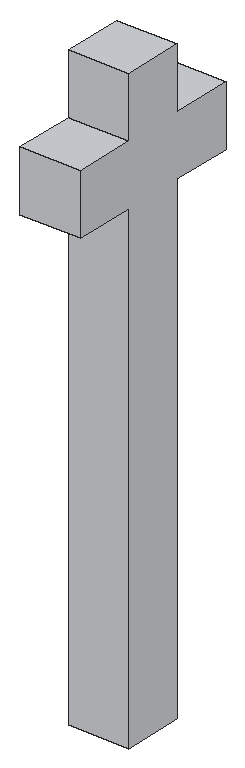
Revit family "Pilar Pre Fabricado - 2 apoios", category Structural Columns, Revit 2016
Family settings
  Section Shape = Not Defined
  Material for Model Behavior = Other
  Always export as geometry = No
  Beam cutback in plan = From bounding box
  OmniClass Number = 23.25.30.11.14.11
  OmniClass Title = Columns
  Cut with Voids When Loaded = No
  Symbolic Representation = From Family
  Shared = No
  Show family pre-cut in plan views = Yes
Parameters
  Structural Material [instance] = (empty or 0)
  Profundidade = 40 cm
  Largura = 40 cm
  Avanço horizontal do apoio = 60 cm
  Altura do apoio = 40 cm
  Altura da Viga = 40 cm
Reference planes (cm)
  plane 1 "Centro (Frente/Trás)": y = 0
  plane 2: z = 0
  plane 3 "Centro (Esquerda/Direita)": x = 0
  plane 4 "Esquerda": x = -20
  plane 5 "Direita": x = 20
  plane 6 "Posterior": y = 20
  plane 7 "Frente": y = -20
  plane 8: z = 360
  plane 9: z = 320
  plane 10: y = -60
  plane 11: y = 60
Forms (cm)
  Extrusion 1, solid
    sketch origin (20, 0, 0) x (0, -1, 0) y (0, 0, 1)
      loop
        line (20, 0) -> (20, 320) -> (60, 320) -> (60, 360) -> (20, 360) -> (20, 400) -> (-20, 400) -> (-20, 360) -> (-60, 360) -> (-60, 320) -> (-20, 320) -> (-20, 0) -> (20, 0)
    from 0 to 40
Text (cm)
  text "Desenvolvido por Fernando Goes\n\n@CaradoRevit\n\nfernandogoes@outlook.com" at (-124.7479, -198.3766, -73.6287), in view "Vista 1"
Dimensions and locks (cm)
  equal spacing: plane 4 "Esquerda", plane 3 "Centro (Esquerda/Direita)", plane 5 "Direita"
  equal spacing: plane 7 "Frente", plane 1 "Centro (Frente/Trás)", plane 6 "Posterior"
  "Largura": plane 4 "Esquerda" to plane 5 "Direita"
  "Profundidade": plane 7 "Frente" to plane 6 "Posterior"
  "Altura da Viga": level to plane 8
  "Altura do apoio": plane 8 to plane 9
  equal spacing: plane 10, plane 1 "Centro (Frente/Trás)", plane 11
  "Avanço horizontal do apoio": plane 1 "Centro (Frente/Trás)" to plane 11
  "Avanço horizontal do apoio": plane 10 to plane 1 "Centro (Frente/Trás)"
  aligned and locked: level to plane 2
  aligned and locked: level to Extrusion 1 sketch curve
  aligned and locked: Extrusion 1 sketch curve to plane 6 "Posterior"
  aligned and locked: plane 7 "Frente" to Extrusion 1 sketch curve
  aligned and locked: plane 8 to Extrusion 1 sketch curve
  aligned and locked: Extrusion 1 sketch curve to plane 9
  aligned and locked: Extrusion 1 to plane 11  (x2)
  aligned and locked: plane 4 "Esquerda" to Extrusion 1
  aligned and locked: Extrusion 1 to plane 6 "Posterior"
  aligned and locked: plane 7 "Frente" to Extrusion 1
  aligned and locked: Extrusion 1 to plane 5 "Direita"
  aligned and locked: Extrusion 1 to level
  aligned and locked: level to Extrusion 1
  aligned and locked: plane 10 to Extrusion 1
Automatic sketch dimensions
  Extrusion 1 sketch curve to plane 6 "Posterior" = 40 cm
  plane 7 "Frente" to Extrusion 1 sketch curve = 40 cm
  level to Extrusion 1 sketch curve = 0 cm
  Extrusion 1 sketch curve to plane 6 "Posterior" = 0 cm
  Extrusion 1 sketch curve to plane 8 = 0 cm
  Extrusion 1 sketch curve to plane 9 = 0 cm
  Extrusion 1 sketch curve to plane 7 "Frente" = 0 cm
